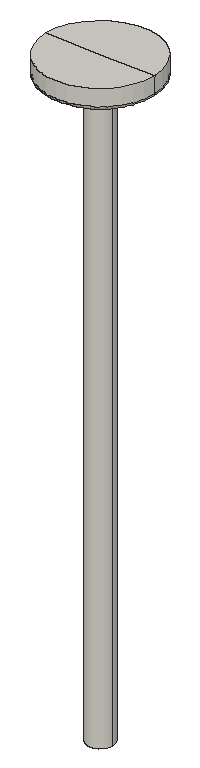
Revit family "Shower_Arm-DXV-357023XX_Series", category Plumbing Fixtures, Revit 2019
Family settings
  Round Connector Dimension = Use Diameter
  Part Type = Normal
  OmniClass Number = 23.45.05.14.17
  OmniClass Title = Showers
  Work Plane-Based = Yes
  Always vertical = No
  Cut with Voids When Loaded = No
  Shared = Yes
  Room Calculation Point = No
Parameters (values of type "D35702312.144")
  Width = 2 1/8"
  Waste Connection = no
  Warranty Documentation Link = "https://www.dxv.com/-/media/files/dxv/warranty/dxv_warranty_booklet.ashx"
  WFU = 4  # constant formula
  Vent Connection = no
  URL = "https://www.dxv.com/"
  Tempered Water Connection = yes
  Tempered Connection Radius = Tempered Connection Diameter / 2  # 1/4"
  Tempered Connection Diameter = 1/2"
  Revised Date = "02/04/2022"  # constant formula
  Product Page URL = "https://www.dxv.com/product/ceiling-mount-12-inch-shower-arm-by-dxv"
  Product Documentation Link = "https://dxv01.blob.core.windows.net/dxv-product-pdf-files/spec_D357023_DXV_ShwArm_CeilingMt_EN.pdf"
  Price = "Prices may vary. Please consult Manufacturer Representative for most up-to-date price list."  # constant formula
  Model = "D35702312.144"
  Material = "Metal-DXV-144-Brushed Nickel"
  Manufacturer = "DXV"  # constant formula
  Length = 2 1/8"
  Installation Type = "Ceiling-Mount"  # constant formula
  Height = 12"
  HWFU = 3  # constant formula
  HW Connection = no
  Finish = Metal-DXV-144-Brushed Nickel
  Description = "Ceiling Mount Shower Arm"  # constant formula
  Default Elevation = 0"
  Creation Date = "09/22/2017"  # constant formula
  CWFU = 3  # constant formula
  CW Connection = no
  Assembly Code = "D2010710"
Types (7): name | Product Page URL | Model | Material | Height | Finish
  (no name) | "https://www.dxv.com/product/ceiling-mount-12-inch-shower-arm-by-dxv" | "D35702312.144" | "Metal-DXV-144-Brushed Nickel" | 12" | Metal-DXV-144-Brushed Nickel
  D35702306.100 | "https://www.dxv.com/product/ceiling-mount-6-inch-shower-arm-by-dxv" | "D35702306.100" | "Metal-DXV-100-Polished Chrome" | 6" | Metal-DXV-100-Polished Chrome
  D35702306.144 | "https://www.dxv.com/product/ceiling-mount-6-inch-shower-arm-by-dxv" | "D35702306.144" | "Metal-DXV-144-Brushed Nickel" | 6" | Metal-DXV-144-Brushed Nickel
  D35702306.150 | "https://www.dxv.com/product/ceiling-mount-6-inch-shower-arm-by-dxv" | "D35702306.150" | "Metal-DXV-150-Platinum Nickel" | 6" | Metal-DXV-150-Platinum Nickel
  D35702312.100 | "https://www.dxv.com/product/ceiling-mount-12-inch-shower-arm-by-dxv" | "D35702312.100" | "Metal-DXV-100-Polished Chrome" | 12" | Metal-DXV-100-Polished Chrome
  D35702312.144 | "https://www.dxv.com/product/ceiling-mount-12-inch-shower-arm-by-dxv" | "D35702312.144" | "Metal-DXV-144-Brushed Nickel" | 12" | Metal-DXV-144-Brushed Nickel
  D35702312.150 | "https://www.dxv.com/product/ceiling-mount-12-inch-shower-arm-by-dxv" | "D35702312.150" | "Metal-DXV-150-Platinum Nickel" | 12" | Metal-DXV-150-Platinum Nickel
Reference planes (in)
  plane 1 "Center (Front/Back)": y = 0
  plane 2: z = 0
  plane 3 "Center (Left/Right)": x = 0
  plane 4: z = -0.375
  plane 5: x = -0.25
  plane 6: x = 0.25
  plane 7: z = 0.25295
  plane 8: x = 1.0625
  plane 9: x = -1.0625
  plane 10: z = -12
Forms (in)
  Revolve 1, solid, material "Metal-DXV-144-Brushed Nickel" <- "Finish"
    sketch origin (0, 0, 0) x (1, 0, 0) y (0, 0, 1)
      loop
        line (-1.0625, 0) -> (-1.0625, -0.3153)
        arc (-1.0625, -0.3153) -> (-1.04502, -0.35752) -> (-1.0028, -0.375) r 0.0597
        line (-1.0028, -0.375) -> (-0.25, -0.375) -> (-0.25, -12) -> (0, -12) -> (0, 0) -> (-1.0625, 0)
      axis (0, 0) -> (0, -12)
    angle from 0 to 360
Lines and regions (in)
  Masking region 1
    outline origin (0, 0, 0) x (1, 0, 0) y (0, 1, 0)
      loop
        circle (0, 0) r 1.0625
  symbolic lines, detail levels medium+fine
    curve 1: circle (0, 0, 0) r 0.25 normal (0, 0, 1)
Dimensions and locks (in)
  locked: level to plane 4 at 0.375
  locked: plane 7 to level at 0.25295
  plane 8 to plane 9 = 2 1/8"
  "Height": level to plane 10
  aligned and locked: Revolve 1 sketch curve to plane 4
  aligned and locked: plane 10 to Revolve 1 sketch curve
Automatic sketch dimensions
  Revolve 1 sketch curve to plane 9 = 0"
  plane 5 to Revolve 1 sketch curve = 0"
  Revolve 1 sketch curve to plane 3 "Center (Left/Right)" = 0"  (x2)
  Revolve 1 sketch curve to level = 0"
  plane 9 to Revolve 1 sketch curve = 0.0597"
  plane 7 to Revolve 1 sketch curve = 2.74705"
  Revolve 1 sketch curve to Revolve 1 sketch curve = 1/2"
  plane 1 "Center (Front/Back)" to Masking region 1 sketch curve = 0"
  Masking region 1 sketch curve to plane 3 "Center (Left/Right)" = 0"
  plane 1 "Center (Front/Back)" to curve 1 = 0"
  curve 1 to plane 3 "Center (Left/Right)" = 0"
  radius of Masking region 1 sketch curve = 1 1/16"
  radius of curve 1 = 1/4"
Connectors (in)
  piping at (0, 0, 0), diameter 0.5, driven by "Tempered Connection Diameter"
    settings: on Revolve 1, index 1, connector inside diameter 24", connector length 0", flow factor 0, pipe flow 0 GPM, pressure drop 0.00 psi, fitting loss kfactor 0, connector angle 0.00°, fixture units 0, engagement length 0", angle of deflection 0.00°, flow configuration 0, flow direction 1, fitting loss method 0, system type 29, joint type 0, gender type 0, connector reference index -1, connector utility 0, adjustable connector no, is connector primary yes, connector description "1/2\" NPT Supply Inlet"
  piping at (0, 0, -12), diameter 0.5, driven by "Tempered Connection Diameter"
    settings: on Revolve 1, index 2, connector inside diameter 24", connector length 0", flow factor 0, pipe flow 0 GPM, pressure drop 0.00 psi, fitting loss kfactor 0, connector angle 0.00°, fixture units 0, engagement length 0", angle of deflection 0.00°, flow configuration 0, flow direction 2, fitting loss method 0, system type 29, joint type 0, gender type 0, connector reference index -1, connector utility 0, adjustable connector no, is connector primary no, connector description "1/2\" NPT Supply Outlet"
